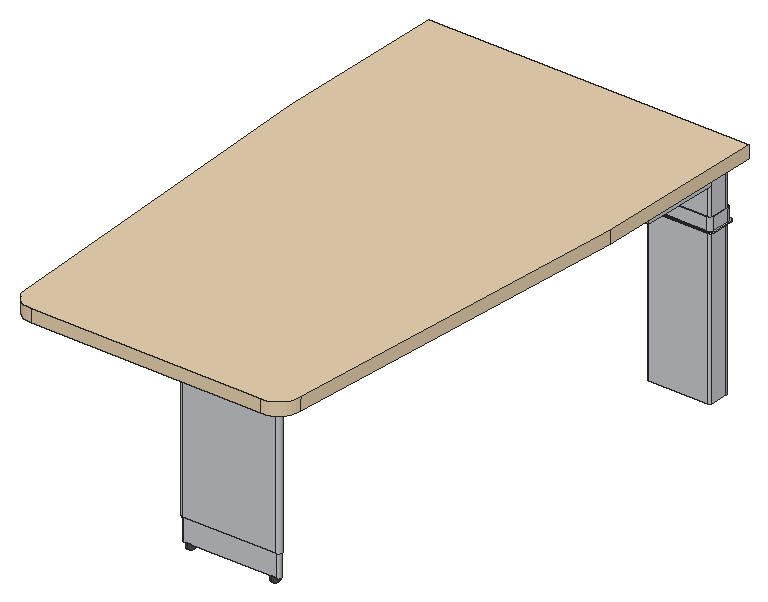
Revit family "Table-Height_Adjustable-Teknion-BH_MT_Peninusla_Bevel_Post_Leg_Mid_Height-R2018", category Furniture, Revit 2018 (continued)
Dimensions and locks (in)
  aligned and locked: curve 83 to Sweep 13
  aligned and locked: curve 84 to Sweep 14
  aligned and locked: curve 85 to Sweep 14
  aligned and locked: curve 86 to Sweep 14
  aligned and locked: curve 87 to Sweep 15
  aligned and locked: curve 88 to Sweep 15
  aligned and locked: curve 89 to Sweep 15
  aligned and locked: curve 90 to Sweep 15
  aligned and locked: curve 95 to cut or joined group of Sweep 1, Sweep 23
  aligned and locked: curve 96 to cut or joined group of Sweep 1, Sweep 23
  aligned and locked: curve 97 to cut or joined group of Sweep 1, Sweep 23
  aligned and locked: curve 98 to cut or joined group of Sweep 1, Sweep 23
  aligned and locked: curve 99 to Sweep 24
  aligned and locked: curve 100 to Sweep 25
  aligned and locked: curve 101 to Sweep 25
  aligned and locked: curve 102 to Sweep 25
  aligned and locked: curve 103 to Sweep 24
  aligned and locked: curve 104 to Sweep 24
  aligned and locked: curve 105 to Sweep 24
  aligned and locked: curve 106 to Sweep 25
  aligned and locked: curve 107 to Sweep 25
  aligned and locked: curve 108 to Sweep 25
  aligned and locked: curve 109 to Sweep 20
  aligned and locked: curve 110 to Sweep 20
  aligned and locked: curve 111 to Sweep 20
  aligned and locked: curve 112 to Sweep 21
  aligned and locked: curve 113 to Sweep 21
  aligned and locked: Sweep 21 to curve 114
  aligned and locked: Sweep 20 to curve 114
  aligned and locked: curve 115 to Sweep 16
  aligned and locked: curve 85 to curve 116
  aligned and locked: curve 117 to Sweep 16
  aligned and locked: curve 118 to Sweep 16
  aligned and locked: curve 119 to Sweep 17
  aligned and locked: curve 85 to curve 120
  aligned and locked: curve 121 to Sweep 17
  aligned and locked: curve 122 to Sweep 17
  aligned and locked: curve 123 to Sweep 18
  aligned and locked: curve 85 to curve 124
  aligned and locked: curve 125 to Sweep 18
  aligned and locked: curve 126 to Sweep 18
  aligned and locked: curve 127 to Sweep 19
  aligned and locked: curve 128 to Sweep 19
  aligned and locked: curve 129 to Sweep 19
  aligned and locked: curve 130 to curve 85
  aligned and locked: curve 131 to Sweep 22
  aligned and locked: curve 132 to Sweep 22
  aligned and locked: curve 133 to curve 127
  aligned and locked: curve 134 to curve 130
  aligned and locked: Masking region 1 sketch curve to plane 4 "Left"
  aligned and locked: Masking region 1 sketch curve to plane 5 "Right"
  aligned and locked: Masking region 1 sketch curve to plane 6 "Back"  (x2)
  aligned and locked: curve 135 to plane 6 "Back"
  aligned and locked: curve 136 to plane 7 "Front"
  aligned and locked: nested 1 to plane 6 "Back"
  aligned and locked: plane 3 "Center Left/Right" to nested 1
Automatic sketch dimensions
  Sweep 2 sketch curve to plane 7 "Front" = 14.35445"
  Sweep 2 sketch curve to Sweep 2 sketch curve = 0.25041"  (x2)
  Sweep 3 sketch curve to plane 7 "Front" = 14.35445"
  Sweep 3 sketch curve to Sweep 3 sketch curve = 0.36393"  (x2)
  Sweep 4 sketch curve to plane 7 "Front" = 13.57224"
  Sweep 5 sketch curve to plane 6 "Back" = 2.66929"
  Sweep 6 sketch curve to plane 6 "Back" = 2.66929"
  Sweep 7 sketch curve to plane 6 "Back" = 2.66929"
  Sweep 8 sketch curve to plane 6 "Back" = 2.66929"
  Sweep 9 sketch curve to plane 6 "Back" = 2.66929"
  Sweep 10 sketch curve to plane 6 "Back" = 2.66929"
  Sweep 11 sketch curve to plane 1 "Center Front/Back" = 0.000"
  Sweep 11 sketch curve to Sweep 11 sketch curve = 0.000"  (x2)
  Sweep 12 sketch curve to plane 7 "Front" = 14.35445"
  plane 1 "Center Front/Back" to Sweep 13 sketch curve = 16.3654"
  plane 1 "Center Front/Back" to Sweep 14 sketch curve = 6.72047"
  Sweep 15 sketch curve to plane 1 "Center Front/Back" = 12.000"
  plane 1 "Center Front/Back" to Sweep 16 sketch curve = 4.47806"
  plane 1 "Center Front/Back" to Sweep 17 sketch curve = 6.05286"
  plane 1 "Center Front/Back" to Sweep 18 sketch curve = 7.62767"
  plane 1 "Center Front/Back" to Sweep 19 sketch curve = 9.20247"
  plane 1 "Center Front/Back" to Sweep 20 sketch curve = 2.43704"
  plane 1 "Center Front/Back" to Sweep 21 sketch curve = 2.49627"
  plane 1 "Center Front/Back" to Sweep 22 sketch curve = 9.30437"
  Sweep 22 sketch curve to Sweep 22 sketch curve = 0.11867"  (x2)
  Sweep 22 sketch curve to Sweep 22 sketch curve = 0.04528"  (x2)
  Sweep 24 sketch curve to plane 6 "Back" = 7.48031"
  Sweep 25 sketch curve to plane 6 "Back" = 7.48031"
  curve 65 to curve 70 = 0.22741"
  curve 70 to curve 71 = 0.07093"
  curve 81 to curve 72 = 1.02264"
  curve 72 to curve 66 = 0.03838"
  curve 69 to curve 74 = 0.15647"
  curve 74 to curve 67 = 0.07093"
  curve 135 to plane 4 "Left" = 0.000"
  curve 135 to plane 5 "Right" = 0.000"
  curve 136 to plane 4 "Left" = 0.000"
  curve 136 to plane 5 "Right" = 0.000"
  Sweep 23 sketch curve to plane 1 "Center Front/Back" = 12.99072"
  radius of Sweep 4 sketch curve = 0.500"  (x2)
Nested families (in)
  nested 1: "Teknion_2D_Node_Family-R2016" at (-1.98841, 31.81315, 0), visible <- "Connection Node Visibility", type "Teknion_2D_Node_Family-R2016"
Definition of nested family "Teknion_2D_Node_Family-R2016"
  Reference planes (in)
    plane 1 "Center (Front/Back)": y = 0
    plane 2: z = 0
    plane 3 "Center (Left/Right)": x = 0
  Lines and regions (in)
    detail lines, in view "Ref. Level"
      curve 1: circle (0, 0, 0) r 1.25 normal (0, 0, 1)
      curve 2: line (1.91508, -1.91508, 0) -> (-1.91508, 1.91508, 0)
      curve 3: line (-1.91508, -1.91508, 0) -> (1.91508, 1.91508, 0)
Types (5): name | Worksurface Thickness | Square Grommet Cut-out Hole Depth | Model | Has No Grommet | Has End of Worksurface - Rectangular & Square | Description
  (no name) | 1.555" | 0.500" | "BHXMTK____N_E_" | yes | no | "Height-Adjustable Meeting Peninsula – Bevel Post Leg – Mid-Height, 1-9/16\" Worksurface Thickness, Mid-Height Configuration, No Grommet, Extended Range- 26\" to 48\""
  1-9/16" Worksurface Thickness, Mid-Height Configuration, End of Worksurface - Rectangular & Square Grommet | 1.555" | 6.000" | "BHXMTK____F_E_" | no | yes | "Height-Adjustable Meeting Peninsula – Bevel Post Leg – Mid-Height, 1-9/16\" Worksurface Thickness, Mid-Height Configuration, End of Worksurface - Rectangular & Square Grommet, Extended Range- 26\" to 48\""
  1-3/16" Worksurface Thickness, Mid-Height Configuration, End of Worksurface - Rectangular & Square Grommet | 1.189" | 6.000" | "BHMMTK____F_E_" | no | yes | "Height-Adjustable Meeting Peninsula – Bevel Post Leg – Mid-Height, 1-3/16\" Worksurface Thickness, Mid-Height Configuration, End of Worksurface - Rectangular & Square Grommet, Extended Range- 26\" to 48\""
  1-3/16" Worksurface Thickness, Mid-Height Configuration, No Grommet | 1.189" | 0.500" | "BHMMTK____N_E_" | yes | no | "Height-Adjustable Meeting Peninsula – Bevel Post Leg – Mid-Height, 1-3/16\" Worksurface Thickness, Mid-Height Configuration, No Grommet, Extended Range- 26\" to 48\""
  1-9/16" Worksurface Thickness, Mid-Height Configuration, No Grommet | 1.555" | 0.500" | "BHXMTK____N_E_" | yes | no | "Height-Adjustable Meeting Peninsula – Bevel Post Leg – Mid-Height, 1-9/16\" Worksurface Thickness, Mid-Height Configuration, No Grommet, Extended Range- 26\" to 48\""
